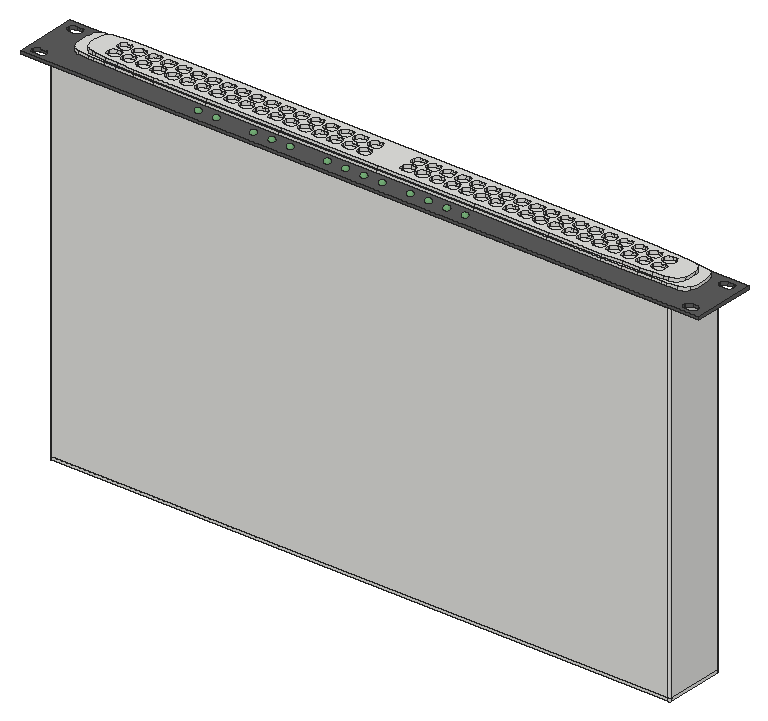
Revit family "Electronics_Expansion-Inputs_Biamp_Vocia_8-Channel-Live-Audio-Input-Device_VI-8__", category Communication Devices, host Face, Revit 2020 (continued)
Definition of nested family "VI-8"
  Forms (in)
    Extrusion 13, solid, material <- "Material 1", detail levels medium+fine
      sketch origin (-0.00359, -0.15748, 0) x (1, 0, 0) y (0, 0, 1)
        loop
          line (-3.34036, 0.95247) -> (-3.34036, 0.99345)
          arc (-3.34036, 0.99345) -> (-3.37946, 1.08784) -> (-3.47384, 1.12693) r 0.13348
          line (-3.47384, 1.12693) -> (-3.56495, 1.12693)
        loop
          arc (-3.14865, 1.12693) -> (-3.24303, 1.08784) -> (-3.28213, 0.99345) r 0.13348
          line (-3.28213, 0.99345) -> (-3.28213, 0.95247)
          arc (-3.28213, 0.95247) -> (-3.24121, 0.8537) -> (-3.14244, 0.81278) r 0.13968
          line (-3.14244, 0.81278) -> (-3.06374, 0.81278)
          arc (-3.06374, 0.81278) -> (-2.96497, 0.8537) -> (-2.92405, 0.95247) r 0.13968
          line (-2.92405, 0.95247) -> (-2.92405, 0.99345)
          arc (-2.92405, 0.99345) -> (-2.96315, 1.08784) -> (-3.05754, 1.12693) r 0.13348
          line (-3.05754, 1.12693) -> (-3.14865, 1.12693)
        loop
          arc (-2.73581, 1.12693) -> (-2.8302, 1.08784) -> (-2.86929, 0.99345) r 0.13348
          line (-2.86929, 0.99345) -> (-2.86929, 0.95247)
          arc (-2.86929, 0.95247) -> (-2.82838, 0.8537) -> (-2.72961, 0.81278) r 0.13968
          line (-2.72961, 0.81278) -> (-2.6509, 0.81278)
          arc (-2.6509, 0.81278) -> (-2.55213, 0.8537) -> (-2.51122, 0.95247) r 0.13968
          line (-2.51122, 0.95247) -> (-2.51122, 0.99345)
          arc (-2.51122, 0.99345) -> (-2.55032, 1.08784) -> (-2.6447, 1.12693) r 0.13348
          line (-2.6447, 1.12693) -> (-2.73581, 1.12693)
        loop
          arc (-2.32625, 1.12693) -> (-2.42063, 1.08784) -> (-2.45973, 0.99345) r 0.13348
          line (-2.45973, 0.99345) -> (-2.45973, 0.95247)
          arc (-2.45973, 0.95247) -> (-2.41882, 0.8537) -> (-2.32004, 0.81278) r 0.13968
          line (-2.32004, 0.81278) -> (-2.24134, 0.81278)
          arc (-2.24134, 0.81278) -> (-2.14257, 0.8537) -> (-2.10165, 0.95247) r 0.13968
          line (-2.10165, 0.95247) -> (-2.10165, 0.99345)
          arc (-2.10165, 0.99345) -> (-2.14075, 1.08784) -> (-2.23514, 1.12693) r 0.13348
          line (-2.23514, 1.12693) -> (-2.32625, 1.12693)
        loop
          arc (-1.9136, 1.12693) -> (-2.00798, 1.08784) -> (-2.04708, 0.99345) r 0.13348
          line (-2.04708, 0.99345) -> (-2.04708, 0.95247)
          arc (-2.04708, 0.95247) -> (-2.00617, 0.8537) -> (-1.9074, 0.81278) r 0.13968
          line (-1.9074, 0.81278) -> (-1.82869, 0.81278)
          arc (-1.82869, 0.81278) -> (-1.72992, 0.8537) -> (-1.68901, 0.95247) r 0.13968
          line (-1.68901, 0.95247) -> (-1.68901, 0.99345)
          arc (-1.68901, 0.99345) -> (-1.7281, 1.08784) -> (-1.82249, 1.12693) r 0.13348
          line (-1.82249, 1.12693) -> (-1.9136, 1.12693)
        loop
          arc (-1.49729, 1.12693) -> (-1.59168, 1.08784) -> (-1.63077, 0.99345) r 0.13348
          line (-1.63077, 0.99345) -> (-1.63077, 0.95247)
          arc (-1.63077, 0.95247) -> (-1.58986, 0.8537) -> (-1.49109, 0.81278) r 0.13968
          line (-1.49109, 0.81278) -> (-1.41238, 0.81278)
          arc (-1.41238, 0.81278) -> (-1.31361, 0.8537) -> (-1.2727, 0.95247) r 0.13968
          line (-1.2727, 0.95247) -> (-1.2727, 0.99345)
          arc (-1.2727, 0.99345) -> (-1.3118, 1.08784) -> (-1.40618, 1.12693) r 0.13348
          line (-1.40618, 1.12693) -> (-1.49729, 1.12693)
        loop
          arc (-1.08445, 1.12693) -> (-1.17883, 1.08784) -> (-1.21793, 0.99345) r 0.13348
          line (-1.21793, 0.99345) -> (-1.21793, 0.95247)
          arc (-1.21793, 0.95247) -> (-1.17702, 0.8537) -> (-1.07825, 0.81278) r 0.13968
          line (-1.07825, 0.81278) -> (-0.99954, 0.81278)
          arc (-0.99954, 0.81278) -> (-0.90077, 0.8537) -> (-0.85986, 0.95247) r 0.13968
          line (-0.85986, 0.95247) -> (-0.85986, 0.99345)
          arc (-0.85986, 0.99345) -> (-0.89895, 1.08784) -> (-0.99334, 1.12693) r 0.13348
          line (-0.99334, 1.12693) -> (-1.08445, 1.12693)
        loop
          arc (-0.66814, 1.12693) -> (-0.76253, 1.08784) -> (-0.80162, 0.99345) r 0.13348
          line (-0.80162, 0.99345) -> (-0.80162, 0.95247)
          arc (-0.80162, 0.95247) -> (-0.76071, 0.8537) -> (-0.66194, 0.81278) r 0.13968
          line (-0.66194, 0.81278) -> (-0.58323, 0.81278)
          arc (-0.58323, 0.81278) -> (-0.48446, 0.8537) -> (-0.44355, 0.95247) r 0.13968
          line (-0.44355, 0.95247) -> (-0.44355, 0.99345)
          arc (-0.44355, 0.99345) -> (-0.48265, 1.08784) -> (-0.57703, 1.12693) r 0.13348
          line (-0.57703, 1.12693) -> (-0.66814, 1.12693)
        loop
          arc (0.55186, 1.12693) -> (0.45748, 1.08784) -> (0.41838, 0.99345) r 0.13348
          line (0.41838, 0.99345) -> (0.41838, 0.95247)
          arc (0.41838, 0.95247) -> (0.45929, 0.8537) -> (0.55807, 0.81278) r 0.13968
          line (0.55807, 0.81278) -> (0.63677, 0.81278)
          arc (0.63677, 0.81278) -> (0.73554, 0.8537) -> (0.77646, 0.95247) r 0.13968
          line (0.77646, 0.95247) -> (0.77646, 0.99345)
          arc (0.77646, 0.99345) -> (0.73736, 1.08784) -> (0.64297, 1.12693) r 0.13348
          line (0.64297, 1.12693) -> (0.55186, 1.12693)
        loop
          arc (0.95712, 1.12693) -> (0.86273, 1.08784) -> (0.82363, 0.99345) r 0.13348
          line (0.82363, 0.99345) -> (0.82363, 0.95247)
          arc (0.82363, 0.95247) -> (0.86455, 0.8537) -> (0.96332, 0.81278) r 0.13968
          line (0.96332, 0.81278) -> (1.04202, 0.81278)
          arc (1.04202, 0.81278) -> (1.14079, 0.8537) -> (1.18171, 0.95247) r 0.13968
          line (1.18171, 0.95247) -> (1.18171, 0.99345)
          arc (1.18171, 0.99345) -> (1.14261, 1.08784) -> (1.04823, 1.12693) r 0.13348
          line (1.04823, 1.12693) -> (0.95712, 1.12693)
        loop
          arc (1.36975, 1.12693) -> (1.27537, 1.08784) -> (1.23627, 0.99345) r 0.13348
          line (1.23627, 0.99345) -> (1.23627, 0.95247)
          arc (1.23627, 0.95247) -> (1.27718, 0.8537) -> (1.37596, 0.81278) r 0.13968
          line (1.37596, 0.81278) -> (1.45466, 0.81278)
          arc (1.45466, 0.81278) -> (1.55343, 0.8537) -> (1.59434, 0.95247) r 0.13968
          line (1.59434, 0.95247) -> (1.59434, 0.99345)
          arc (1.59434, 0.99345) -> (1.55525, 1.08784) -> (1.46086, 1.12693) r 0.13348
          line (1.46086, 1.12693) -> (1.36975, 1.12693)
        loop
          arc (1.78593, 1.12693) -> (1.69154, 1.08784) -> (1.65245, 0.99345) r 0.13348
          line (1.65245, 0.99345) -> (1.65245, 0.95247)
          arc (1.65245, 0.95247) -> (1.69336, 0.8537) -> (1.79213, 0.81278) r 0.13968
          line (1.79213, 0.81278) -> (1.87083, 0.81278)
          arc (1.87083, 0.81278) -> (1.96961, 0.8537) -> (2.01052, 0.95247) r 0.13968
          line (2.01052, 0.95247) -> (2.01052, 0.99345)
          arc (2.01052, 0.99345) -> (1.97142, 1.08784) -> (1.87704, 1.12693) r 0.13348
          line (1.87704, 1.12693) -> (1.78593, 1.12693)
        loop
          arc (2.19819, 1.12693) -> (2.1038, 1.08784) -> (2.0647, 0.99345) r 0.13348
          line (2.0647, 0.99345) -> (2.0647, 0.95247)
          arc (2.0647, 0.95247) -> (2.10562, 0.8537) -> (2.20439, 0.81278) r 0.13968
          line (2.20439, 0.81278) -> (2.28309, 0.81278)
          arc (2.28309, 0.81278) -> (2.38187, 0.8537) -> (2.42278, 0.95247) r 0.13968
          line (2.42278, 0.95247) -> (2.42278, 0.99345)
          arc (2.42278, 0.99345) -> (2.38368, 1.08784) -> (2.2893, 1.12693) r 0.13348
          line (2.2893, 1.12693) -> (2.19819, 1.12693)
        loop
          arc (2.61102, 1.12693) -> (2.51664, 1.08784) -> (2.47754, 0.99345) r 0.13348
          line (2.47754, 0.99345) -> (2.47754, 0.95247)
          arc (2.47754, 0.95247) -> (2.51845, 0.8537) -> (2.61722, 0.81278) r 0.13968
          line (2.61722, 0.81278) -> (2.69593, 0.81278)
          arc (2.69593, 0.81278) -> (2.7947, 0.8537) -> (2.83561, 0.95247) r 0.13968
          line (2.83561, 0.95247) -> (2.83561, 0.99345)
          arc (2.83561, 0.99345) -> (2.79652, 1.08784) -> (2.70213, 1.12693) r 0.13348
          line (2.70213, 1.12693) -> (2.61102, 1.12693)
        loop
          arc (3.02386, 1.12693) -> (2.92948, 1.08784) -> (2.89038, 0.99345) r 0.13348
          line (2.89038, 0.99345) -> (2.89038, 0.95247)
          arc (2.89038, 0.95247) -> (2.93129, 0.8537) -> (3.03007, 0.81278) r 0.13968
          line (3.03007, 0.81278) -> (3.10877, 0.81278)
          arc (3.10877, 0.81278) -> (3.20754, 0.8537) -> (3.24846, 0.95247) r 0.13968
          line (3.24846, 0.95247) -> (3.24846, 0.99345)
          arc (3.24846, 0.99345) -> (3.20936, 1.08784) -> (3.11497, 1.12693) r 0.13348
          line (3.11497, 1.12693) -> (3.02386, 1.12693)
        loop
          arc (3.44017, 1.12693) -> (3.34579, 1.08784) -> (3.30669, 0.99345) r 0.13348
          line (3.30669, 0.99345) -> (3.30669, 0.95247)
          arc (3.30669, 0.95247) -> (3.3476, 0.8537) -> (3.44637, 0.81278) r 0.13968
          line (3.44637, 0.81278) -> (3.52508, 0.81278)
          arc (3.52508, 0.81278) -> (3.62385, 0.8537) -> (3.66476, 0.95247) r 0.13968
          line (3.66476, 0.95247) -> (3.66476, 0.99345)
          arc (3.66476, 0.99345) -> (3.62567, 1.08784) -> (3.53128, 1.12693) r 0.13348
          line (3.53128, 1.12693) -> (3.44017, 1.12693)
        loop
          arc (3.85301, 1.12693) -> (3.75862, 1.08784) -> (3.71952, 0.99345) r 0.13348
          line (3.71952, 0.99345) -> (3.71952, 0.95247)
          arc (3.71952, 0.95247) -> (3.76044, 0.8537) -> (3.85921, 0.81278) r 0.13968
          line (3.85921, 0.81278) -> (3.93791, 0.81278)
          arc (3.93791, 0.81278) -> (4.03669, 0.8537) -> (4.0776, 0.95247) r 0.13968
          line (4.0776, 0.95247) -> (4.0776, 0.99345)
          arc (4.0776, 0.99345) -> (4.0385, 1.08784) -> (3.94412, 1.12693) r 0.13348
          line (3.94412, 1.12693) -> (3.85301, 1.12693)
        loop
          arc (4.26238, 1.12693) -> (4.16799, 1.08784) -> (4.12889, 0.99345) r 0.13348
          line (4.12889, 0.99345) -> (4.12889, 0.95247)
          arc (4.12889, 0.95247) -> (4.16981, 0.8537) -> (4.26858, 0.81278) r 0.13968
          line (4.26858, 0.81278) -> (4.34728, 0.81278)
          arc (4.34728, 0.81278) -> (4.44606, 0.8537) -> (4.48697, 0.95247) r 0.13968
          line (4.48697, 0.95247) -> (4.48697, 0.99345)
          arc (4.48697, 0.99345) -> (4.44787, 1.08784) -> (4.35349, 1.12693) r 0.13348
          line (4.35349, 1.12693) -> (4.26238, 1.12693)
        loop
          arc (4.67522, 1.12693) -> (4.58083, 1.08784) -> (4.54174, 0.99345) r 0.13348
          line (4.54174, 0.99345) -> (4.54174, 0.95247)
          arc (4.54174, 0.95247) -> (4.58265, 0.8537) -> (4.68142, 0.81278) r 0.13968
          line (4.68142, 0.81278) -> (4.76013, 0.81278)
          arc (4.76013, 0.81278) -> (4.8589, 0.8537) -> (4.89981, 0.95247) r 0.13968
          line (4.89981, 0.95247) -> (4.89981, 0.99345)
          arc (4.89981, 0.99345) -> (4.86071, 1.08784) -> (4.76633, 1.12693) r 0.13348
          line (4.76633, 1.12693) -> (4.67522, 1.12693)
        loop
          arc (5.09153, 1.12693) -> (4.99714, 1.08784) -> (4.95804, 0.99345) r 0.13348
          line (4.95804, 0.99345) -> (4.95804, 0.95247)
          arc (4.95804, 0.95247) -> (4.99896, 0.8537) -> (5.09773, 0.81278) r 0.13968
          line (5.09773, 0.81278) -> (5.17643, 0.81278)
          arc (5.17643, 0.81278) -> (5.2752, 0.8537) -> (5.31612, 0.95247) r 0.13968
          line (5.31612, 0.95247) -> (5.31612, 0.99345)
          arc (5.31612, 0.99345) -> (5.27702, 1.08784) -> (5.18264, 1.12693) r 0.13348
          line (5.18264, 1.12693) -> (5.09153, 1.12693)
        loop
          arc (5.50436, 1.12693) -> (5.40998, 1.08784) -> (5.37088, 0.99345) r 0.13348
          line (5.37088, 0.99345) -> (5.37088, 0.95247)
          arc (5.37088, 0.95247) -> (5.41179, 0.8537) -> (5.51056, 0.81278) r 0.13968
          line (5.51056, 0.81278) -> (5.58927, 0.81278)
          arc (5.58927, 0.81278) -> (5.68804, 0.8537) -> (5.72895, 0.95247) r 0.13968
          line (5.72895, 0.95247) -> (5.72895, 0.99345)
          arc (5.72895, 0.99345) -> (5.68986, 1.08784) -> (5.59547, 1.12693) r 0.13348
          line (5.59547, 1.12693) -> (5.50436, 1.12693)
        loop
          arc (5.91393, 1.12693) -> (5.81954, 1.08784) -> (5.78044, 0.99345) r 0.13348
          line (5.78044, 0.99345) -> (5.78044, 0.95247)
          arc (5.78044, 0.95247) -> (5.82136, 0.8537) -> (5.92013, 0.81278) r 0.13968
          line (5.92013, 0.81278) -> (5.99883, 0.81278)
          arc (5.99883, 0.81278) -> (6.0976, 0.8537) -> (6.13852, 0.95247) r 0.13968
          line (6.13852, 0.95247) -> (6.13852, 0.99345)
          arc (6.13852, 0.99345) -> (6.09942, 1.08784) -> (6.00504, 1.12693) r 0.13348
          line (6.00504, 1.12693) -> (5.91393, 1.12693)
        loop
          arc (6.32657, 1.12693) -> (6.23219, 1.08784) -> (6.19309, 0.99345) r 0.13348
          line (6.19309, 0.99345) -> (6.19309, 0.95247)
          arc (6.19309, 0.95247) -> (6.234, 0.8537) -> (6.33278, 0.81278) r 0.13968
          line (6.33278, 0.81278) -> (6.41148, 0.81278)
          arc (6.41148, 0.81278) -> (6.51025, 0.8537) -> (6.55116, 0.95247) r 0.13968
          line (6.55116, 0.95247) -> (6.55116, 0.99345)
          arc (6.55116, 0.99345) -> (6.51207, 1.08784) -> (6.41768, 1.12693) r 0.13348
          line (6.41768, 1.12693) -> (6.32657, 1.12693)
        loop
          arc (6.74288, 1.12693) -> (6.64849, 1.08784) -> (6.6094, 0.99345) r 0.13348
          line (6.6094, 0.99345) -> (6.6094, 0.95247)
          arc (6.6094, 0.95247) -> (6.65031, 0.8537) -> (6.74908, 0.81278) r 0.13968
          line (6.74908, 0.81278) -> (6.82779, 0.81278)
          arc (6.82779, 0.81278) -> (6.92656, 0.8537) -> (6.96747, 0.95247) r 0.13968
          line (6.96747, 0.95247) -> (6.96747, 0.99345)
          arc (6.96747, 0.99345) -> (6.92838, 1.08784) -> (6.83399, 1.12693) r 0.13348
          line (6.83399, 1.12693) -> (6.74288, 1.12693)
        loop
          arc (7.15572, 1.12693) -> (7.06134, 1.08784) -> (7.02224, 0.99345) r 0.13348
          line (7.02224, 0.99345) -> (7.02224, 0.95247)
          arc (7.02224, 0.95247) -> (7.06315, 0.8537) -> (7.16193, 0.81278) r 0.13968
          line (7.16193, 0.81278) -> (7.24063, 0.81278)
          arc (7.24063, 0.81278) -> (7.3394, 0.8537) -> (7.38031, 0.95247) r 0.13968
          line (7.38031, 0.95247) -> (7.38031, 0.99345)
          arc (7.38031, 0.99345) -> (7.34122, 1.08784) -> (7.24683, 1.12693) r 0.13348
          line (7.24683, 1.12693) -> (7.15572, 1.12693)
        loop
          arc (7.57203, 1.12693) -> (7.47764, 1.08784) -> (7.43855, 0.99345) r 0.13348
          line (7.43855, 0.99345) -> (7.43855, 0.95247)
          arc (7.43855, 0.95247) -> (7.47946, 0.8537) -> (7.57823, 0.81278) r 0.13968
          line (7.57823, 0.81278) -> (7.65694, 0.81278)
          arc (7.65694, 0.81278) -> (7.75571, 0.8537) -> (7.79662, 0.95247) r 0.13968
          line (7.79662, 0.95247) -> (7.79662, 0.99345)
          arc (7.79662, 0.99345) -> (7.75753, 1.08784) -> (7.66314, 1.12693) r 0.13348
          line (7.66314, 1.12693) -> (7.57203, 1.12693)
      from 4.92126 to 5
    Revolve 14, solid, material <- "Material 2", detail levels fine
      sketch origin (-1.33611, -0.5315, 0.31615) x (-1, 0, 0) y (0, -1, 0)
        loop
          arc (0.94198, 4.4685) -> (0.86324, 4.54724) -> (0.7845, 4.4685) r 0.07874
          line (0.7845, 4.4685) -> (0.94198, 4.4685)
        loop
          arc (1.45383, 4.4685) -> (1.37509, 4.54724) -> (1.29635, 4.4685) r 0.07874
          line (1.29635, 4.4685) -> (1.45383, 4.4685)
        loop
          arc (1.96554, 4.4685) -> (1.8868, 4.54724) -> (1.80806, 4.4685) r 0.07874
          line (1.80806, 4.4685) -> (1.96554, 4.4685)
        loop
          arc (3.00877, 4.4685) -> (2.93003, 4.54724) -> (2.85129, 4.4685) r 0.07874
          line (2.85129, 4.4685) -> (3.00877, 4.4685)
        loop
          arc (3.52117, 4.4685) -> (3.44243, 4.54724) -> (3.36369, 4.4685) r 0.07874
          line (3.36369, 4.4685) -> (3.52117, 4.4685)
        loop
          arc (-0.10114, 4.4685) -> (-0.17988, 4.54724) -> (-0.25862, 4.4685) r 0.07874
          line (-0.25862, 4.4685) -> (-0.10114, 4.4685)
        loop
          arc (-0.61303, 4.4685) -> (-0.69177, 4.54724) -> (-0.77051, 4.4685) r 0.07874
          line (-0.77051, 4.4685) -> (-0.61303, 4.4685)
        loop
          arc (-1.12492, 4.4685) -> (-1.20366, 4.54724) -> (-1.2824, 4.4685) r 0.07874
          line (-1.2824, 4.4685) -> (-1.12492, 4.4685)
        loop
          arc (-1.63689, 4.4685) -> (-1.71563, 4.54724) -> (-1.79437, 4.4685) r 0.07874
          line (-1.79437, 4.4685) -> (-1.63689, 4.4685)
        loop
          arc (-2.42391, 4.4685) -> (-2.50265, 4.54724) -> (-2.58139, 4.4685) r 0.07874
          line (-2.58139, 4.4685) -> (-2.42391, 4.4685)
        loop
          arc (-2.93585, 4.4685) -> (-3.01459, 4.54724) -> (-3.09333, 4.4685) r 0.07874
          line (-3.09333, 4.4685) -> (-2.93585, 4.4685)
        loop
          arc (-3.44779, 4.4685) -> (-3.52653, 4.54724) -> (-3.60527, 4.4685) r 0.07874
          line (-3.60527, 4.4685) -> (-3.44779, 4.4685)
        loop
          arc (-3.96012, 4.4685) -> (-4.03886, 4.54724) -> (-4.1176, 4.4685) r 0.07874
          line (-4.1176, 4.4685) -> (-3.96012, 4.4685)
        axis (3.52117, 4.4685) -> (-4.1176, 4.4685)
      angle from 450 to 270
  Cuts and joins
    Extrusion 3, Extrusion 6 cuts Extrusion 2
    Extrusion 6 cuts Extrusion 4
    Extrusion 6 cuts Extrusion 7
    Extrusion 11 cuts Extrusion 10
  Lines and regions (in)
    Masking region 1, detail levels coarse+medium
      outline origin (0, 0, 0.39953) x (-1, 0, 0) y (0, -1, 0)
        loop
          line (9.50787, 4.92126) -> (9.50787, 5) -> (-9.50787, 5) -> (-9.50787, 4.92126) -> (-8.69968, 4.92126) -> (-8.69968, -4.96063) -> (8.69887, -4.96063) -> (8.69887, 4.92126) -> (9.50787, 4.92126)
    Masking region 2, detail levels fine
      outline origin (0, 0, 0.39953) x (-1, 0, 0) y (0, -1, 0)
        loop
          line (9.50787, 4.92126) -> (9.50787, 5) -> (2.61353, 5) -> (-9.50787, 5) -> (-9.50787, 4.92126) -> (-8.69968, 4.92126) -> (-8.69968, -4.96063) -> (8.69887, -4.96063) -> (8.69887, 4.92126) -> (9.50787, 4.92126)
    Masking region 3, detail levels medium+fine
      outline origin (0, 0, 0.39953) x (-1, 0, 0) y (0, -1, 0)
        loop
          line (8.6989, 5) -> (8.6989, 5.07874) -> (8.37877, 5.07874) -> (8.37877, 5.15748) -> (-8.3716, 5.15748) -> (-8.3716, 5.07874) -> (-8.69172, 5.07874) -> (-8.69172, 5) -> (8.6989, 5)
    symbolic lines, detail levels medium
      curve 1: line (9.50787, -5, 0.39953) -> (9.50787, -4.96063, 0.39953)
    symbolic lines, detail levels fine
      curve 2: line (-9.50787, -4.92126, 0.39953) -> (-9.50787, -4.96063, 0.39953)
      curve 3: line (9.50787, -4.92126, 0.39953) -> (9.50787, -4.96063, 0.39953)
    symbolic lines
      curve 4: line (-8.69887, -4.92126, 0.39953) -> (8.69968, -4.92126, 0.39953)
    symbolic lines, detail levels medium+fine
      curve 5: line (-8.37877, -5.07874, 0.39953) -> (8.3716, -5.07874, 0.39953)
  Dimensions and locks (in)
    equal spacing: plane 6 "1", plane 1 "Center (Front/Back)", plane 7
    equal spacing: plane 4, plane 3 "Center (Left/Right)", plane 5
    "Width": plane 4 to plane 5
    "Depth": plane 6 "1" to plane 9
    locked: plane 8 to plane 7 at 0.03937
    locked: plane 9 to plane 7 at 0.03937
    locked: plane 6 "1" to plane 10 at 0.07874
    plane 12 to level = 0' - 0"
    "Height": plane 11 to plane 12
    locked: plane 15 "12" to plane 12 at 0.39953
    plane 9 to plane 8 = 0' - 0.07874"
    aligned and locked: plane 2 to Extrusion 1
    aligned and locked: level to Extrusion 1
    aligned and locked: plane 5 to Extrusion 2 sketch curve
    aligned and locked: Extrusion 2 sketch curve to plane 8
    aligned and locked: plane 4 to Extrusion 2 sketch curve
    aligned and locked: plane 12 to Extrusion 2
    aligned and locked: plane 11 to Extrusion 2
    aligned and locked: plane 8 to cut or joined group of Extrusion 2, Extrusion 3, Extrusion 6
    aligned and locked: Extrusion 4 sketch curve to plane 5
    aligned and locked: Extrusion 4 sketch curve to plane 4
    aligned and locked: plane 12 to Extrusion 4
    aligned and locked: plane 11 to Extrusion 4
    aligned and locked: plane 6 "1" to Extrusion 5 sketch curve
    aligned and locked: plane 12 to Extrusion 5
    aligned and locked: plane 11 to Extrusion 5
    aligned and locked: Extrusion 7 to plane 10
    aligned and locked: plane 6 "1" to Extrusion 7
    aligned and locked: Extrusion 6 to plane 10
    aligned and locked: plane 6 "1" to Extrusion 6
    aligned and locked: Extrusion 8 to plane 8
    aligned and locked: plane 10 to Extrusion 8
    aligned and locked: plane 12 to cut or joined group of Extrusion 6, Extrusion 7
    aligned and locked: plane 12 to Extrusion 9
    aligned and locked: plane 12 to Extrusion 8
  Automatic sketch dimensions
    Extrusion 1 sketch curve to Extrusion 1 sketch curve = 8' - 0"  (x2)
    Extrusion 2 sketch curve to plane 9 = 0' - 0"
    plane 4 to Extrusion 3 sketch curve = 0' - 0.16752"  (x2)
    Extrusion 3 sketch curve to Extrusion 3 sketch curve = 0' - 0.13268"  (x4)
    Extrusion 3 sketch curve to plane 11 = 0' - 0.13428"
    Extrusion 3 sketch curve to Extrusion 3 sketch curve = 0' - 0"  (x8)
    plane 16 to Extrusion 3 sketch curve = 0' - 0.0101"  (x2)
    Extrusion 3 sketch curve to Extrusion 3 sketch curve = 0' - 0.13712"  (x4)
    Extrusion 3 sketch curve to plane 16 = 0' - 0.10725"  (x2)
    Extrusion 3 sketch curve to Extrusion 3 sketch curve = 0' - 0.13276"  (x4)
    Extrusion 3 sketch curve to plane 13 = 0' - 0.22099"  (x2)
    Extrusion 3 sketch curve to plane 16 = 0' - 0.13822"  (x2)
    Extrusion 3 sketch curve to Extrusion 3 sketch curve = 0' - 0.03098"  (x3)
    level to Extrusion 3 sketch curve = 0' - 0.08683"  (x2)
    Extrusion 3 sketch curve to Extrusion 3 sketch curve = 0' - 0.00017"  (x4)
    Extrusion 3 sketch curve to Extrusion 3 sketch curve = 0' - 0.26702"
    Extrusion 3 sketch curve to plane 11 = 0' - 0.4013"
    Extrusion 3 sketch curve to Extrusion 3 sketch curve = 0' - 0.11869"  (x4)
    Extrusion 3 sketch curve to Extrusion 3 sketch curve = 0' - 0.00035"  (x2)
    Extrusion 4 sketch curve to plane 8 = 0' - 0"
    Extrusion 4 sketch curve to plane 9 = 0' - 0"
    Extrusion 5 sketch curve to plane 8 = 0' - 0"
    Extrusion 5 sketch curve to plane 13 = 0' - 0"
    Extrusion 5 sketch curve to plane 14 = 0' - 0"
    curve 1 to plane 5 = 0' - 0"
    curve 4 to plane 8 = 0' - 0"
    curve 4 to plane 13 = 0' - 0"
    curve 4 to plane 14 = 0' - 0"
    curve 2 to plane 4 = 0' - 0"
    curve 2 to plane 8 = 0' - 0"
    curve 3 to plane 8 = 0' - 0"
    plane 7 to curve 2 = 0' - 0"
    plane 7 to curve 1 = 0' - 0"
    plane 9 to curve 1 = 0' - 0"
    curve 5 to plane 9 = 0' - 0.07874"
    plane 13 to curve 5 = 0' - 0.32809"
    curve 5 to plane 14 = 0' - 0.3201"
    plane 13 to Extrusion 6 sketch curve = 0' - 0.57657"
    Extrusion 6 sketch curve to Extrusion 6 sketch curve = 0' - 0.63023"
    Extrusion 6 sketch curve to plane 16 = 0' - 0.04154"
    Extrusion 6 sketch curve to Extrusion 6 sketch curve = 0' - 0.64994"
    plane 15 "12" to Extrusion 6 sketch curve = 0' - 0.09935"
    Extrusion 6 sketch curve to Extrusion 6 sketch curve = 0' - 1.33654"
    plane 15 "12" to Extrusion 6 sketch curve = 0' - 0.09973"
    Extrusion 6 sketch curve to Extrusion 6 sketch curve = 0' - 0.47028"
    plane 16 to Extrusion 6 sketch curve = 0' - 0.02156"  (x8)
    Extrusion 6 sketch curve to Extrusion 6 sketch curve = 0' - 0.39261"
    Extrusion 6 sketch curve to Extrusion 6 sketch curve = 0' - 0.59478"
    Extrusion 6 sketch curve to Extrusion 6 sketch curve = 0' - 0.06026"
    plane 15 "12" to Extrusion 6 sketch curve = 0' - 0.17859"  (x3)
    Extrusion 6 sketch curve to Extrusion 6 sketch curve = 0' - 0.58423"
    Extrusion 6 sketch curve to Extrusion 6 sketch curve = 0' - 0.13936"
    Extrusion 6 sketch curve to Extrusion 6 sketch curve = 0' - 0.58878"
    Extrusion 6 sketch curve to Extrusion 6 sketch curve = 0' - 0.05663"
    Extrusion 6 sketch curve to Extrusion 6 sketch curve = 0' - 0.59386"
    Extrusion 6 sketch curve to plane 11 = 0' - 0.36587"
    Extrusion 6 sketch curve to Extrusion 6 sketch curve = 0' - 0.54483"  (x2)
    Extrusion 6 sketch curve to Extrusion 6 sketch curve = 0' - 0.63931"  (x2)
    Extrusion 6 sketch curve to Extrusion 6 sketch curve = 0' - 0.03937"  (x2)
    plane 3 "Center (Left/Right)" to Extrusion 6 sketch curve = 0' - 0.16279"  (x2)
    Extrusion 6 sketch curve to plane 3 "Center (Left/Right)" = 0' - 0.25343"
    Extrusion 6 sketch curve to plane 3 "Center (Left/Right)" = 0' - 0.25395"
    Extrusion 6 sketch curve to Extrusion 6 sketch curve = 0' - 0.70853"
    plane 15 "12" to Extrusion 6 sketch curve = 0' - 0.16727"
    Extrusion 6 sketch curve to Extrusion 6 sketch curve = 0' - 0.00033"
    plane 15 "12" to Extrusion 6 sketch curve = 0' - 0.16485"
    Extrusion 6 sketch curve to Extrusion 6 sketch curve = 0' - 0.70793"
    Extrusion 6 sketch curve to Extrusion 6 sketch curve = 0' - 0.0003"
    Extrusion 6 sketch curve to Extrusion 6 sketch curve = 0' - 0.70936"
    plane 15 "12" to Extrusion 6 sketch curve = 0' - 0.16629"
    Extrusion 6 sketch curve to Extrusion 6 sketch curve = 0' - 0.00057"
    Extrusion 6 sketch curve to Extrusion 6 sketch curve = 0' - 0.39695"
    Extrusion 6 sketch curve to Extrusion 6 sketch curve = 0' - 0.01967"
    Extrusion 6 sketch curve to plane 11 = 0' - 0.30676"
    Extrusion 6 sketch curve to Extrusion 6 sketch curve = 0' - 0.61964"
    Extrusion 6 sketch curve to Extrusion 6 sketch curve = 0' - 0"  (x10)
    Extrusion 6 sketch curve to Extrusion 6 sketch curve = 0' - 0 1/64"  (x2)
    Extrusion 6 sketch curve to Extrusion 6 sketch curve = 0' - 0.60401"
    Extrusion 6 sketch curve to Extrusion 6 sketch curve = 0' - 0.47989"
    Extrusion 6 sketch curve to Extrusion 6 sketch curve = 0' - 0.53144"  (x3)
    Extrusion 6 sketch curve to Extrusion 6 sketch curve = 0' - 0.1185"
    plane 15 "12" to Extrusion 6 sketch curve = 0' - 0.02331"  (x4)
    Extrusion 6 sketch curve to Extrusion 6 sketch curve = 0' - 0.11849"  (x2)
    Extrusion 6 sketch curve to Extrusion 6 sketch curve = 0' - 0.53147"
    plane 15 "12" to Extrusion 6 sketch curve = 0' - 0.16662"
    plane 15 "12" to Extrusion 6 sketch curve = 0' - 0.35282"  (x2)
    Extrusion 6 sketch curve to Extrusion 6 sketch curve = 0' - 0.39412"  (x2)
    plane 15 "12" to Extrusion 6 sketch curve = 0' - 0.4332"
    plane 15 "12" to Extrusion 6 sketch curve = 0' - 0.43762"
    Extrusion 6 sketch curve to Extrusion 6 sketch curve = 0' - 0.55183"
    Extrusion 6 sketch curve to Extrusion 6 sketch curve = 0' - 0.55133"
    Extrusion 6 sketch curve to Extrusion 6 sketch curve = 0' - 0.55143"
    Extrusion 6 sketch curve to Extrusion 6 sketch curve = 0' - 0.30653"
    Extrusion 6 sketch curve to Extrusion 6 sketch curve = 0' - 0.21284"  (x2)
    Extrusion 6 sketch curve to Extrusion 6 sketch curve = 0' - 0.27195"
    plane 13 to Extrusion 7 sketch curve = 0' - 0"
    Extrusion 7 sketch curve to plane 11 = 0' - 0"
    Extrusion 7 sketch curve to level = 0' - 0"
    plane 14 to Extrusion 7 sketch curve = 0' - 0"
    Extrusion 7 sketch curve to plane 11 = 0' - 0.06693"
    Extrusion 7 sketch curve to Extrusion 7 sketch curve = 0' - 0.06693"
    Extrusion 7 sketch curve to plane 14 = 0' - 0.06693"  (x2)
    plane 14 to Extrusion 8 sketch curve = 0' - 0"
    Extrusion 8 sketch curve to plane 11 = 0' - 0"
    Extrusion 8 sketch curve to level = 0' - 0"
    plane 13 to Extrusion 8 sketch curve = 0' - 0"
    Extrusion 8 sketch curve to plane 11 = 0' - 0.06693"
    Extrusion 8 sketch curve to Extrusion 8 sketch curve = 0' - 0.06693"  (x2)
    plane 13 to Extrusion 8 sketch curve = 0' - 0.06693"
    plane 14 to Extrusion 9 sketch curve = 0' - 0"
    Extrusion 9 sketch curve to plane 11 = 0' - 0"
    Extrusion 9 sketch curve to level = 0' - 0"
    plane 13 to Extrusion 9 sketch curve = 0' - 0"
    Extrusion 9 sketch curve to plane 11 = 0' - 0.06693"
    Extrusion 9 sketch curve to Extrusion 9 sketch curve = 0' - 0.06693"  (x2)
    plane 13 to Extrusion 9 sketch curve = 0' - 0.06852"
    plane 13 to Extrusion 10 sketch curve = 0' - 0"
    Extrusion 10 sketch curve to plane 11 = 0' - 0"
    Extrusion 10 sketch curve to level = 0' - 0"
    plane 14 to Extrusion 10 sketch curve = 0' - 0"
    Extrusion 10 sketch curve to Extrusion 10 sketch curve = 0' - 0.06693"
    level to Extrusion 10 sketch curve = 0' - 0.06693"
    Extrusion 10 sketch curve to plane 14 = 0' - 0.06693"  (x2)
    plane 13 to Extrusion 11 sketch curve = 0' - 0.58105"
    plane 15 "12" to Extrusion 11 sketch curve = 0' - 0.25637"  (x2)
    Extrusion 11 sketch curve to Extrusion 11 sketch curve = 0' - 2.10256"
    Extrusion 11 sketch curve to Extrusion 11 sketch curve = 0' - 0.39859"
    Extrusion 11 sketch curve to Extrusion 11 sketch curve = 0' - 0.012"
    Extrusion 11 sketch curve to Extrusion 11 sketch curve = 0' - 0.39763"
    Extrusion 11 sketch curve to Extrusion 11 sketch curve = 0' - 0.56933"
    Extrusion 11 sketch curve to Extrusion 11 sketch curve = 0' - 0.5315"  (x2)
    Extrusion 11 sketch curve to Extrusion 11 sketch curve = 0' - 0.09842"
    plane 15 "12" to Extrusion 11 sketch curve = 0' - 0.03824"  (x2)
    Extrusion 11 sketch curve to plane 11 = 0' - 0.43739"
    Extrusion 11 sketch curve to Extrusion 11 sketch curve = 0' - 1.39021"
    plane 15 "12" to Extrusion 11 sketch curve = 0' - 0.11049"  (x2)
    Extrusion 11 sketch curve to Extrusion 11 sketch curve = 0' - 0.00856"
    Extrusion 11 sketch curve to Extrusion 11 sketch curve = 0' - 0.46908"
    Extrusion 11 sketch curve to Extrusion 11 sketch curve = 0' - 0.12236"
    Extrusion 11 sketch curve to Extrusion 11 sketch curve = 0' - 0 1/8"  (x4)
    Extrusion 11 sketch curve to Extrusion 11 sketch curve = 0' - 0.6"  (x3)
    plane 15 "12" to Extrusion 11 sketch curve = 0' - 0.16777"  (x3)
    plane 3 "Center (Left/Right)" to Extrusion 11 sketch curve = 0' - 0.3489"
    plane 3 "Center (Left/Right)" to Extrusion 11 sketch curve = 0' - 0.31191"
    Extrusion 11 sketch curve to plane 3 "Center (Left/Right)" = 0' - 0.04874"
    Extrusion 11 sketch curve to Extrusion 11 sketch curve = 0' - 0.01575"
    Extrusion 11 sketch curve to plane 3 "Center (Left/Right)" = 0' - 0.28809"
    Extrusion 11 sketch curve to plane 16 = 0' - 0.02645"  (x3)
    Extrusion 11 sketch curve to Extrusion 11 sketch curve = 0' - 0.39764"
    Extrusion 11 sketch curve to Extrusion 11 sketch curve = 0' - 0.07097"
    Extrusion 11 sketch curve to Extrusion 11 sketch curve = 0' - 0.39897"
    Extrusion 11 sketch curve to Extrusion 11 sketch curve = 0' - 0.01199"
    Extrusion 11 sketch curve to Extrusion 11 sketch curve = 0' - 0.06902"
    Extrusion 11 sketch curve to Extrusion 11 sketch curve = 0' - 0.40007"
    Extrusion 11 sketch curve to Extrusion 11 sketch curve = 0' - 0.50624"
    plane 15 "12" to Extrusion 11 sketch curve = 0' - 0.25436"  (x3)
    Extrusion 11 sketch curve to Extrusion 11 sketch curve = 0' - 0.42976"
    Extrusion 11 sketch curve to Extrusion 11 sketch curve = 0' - 0.44973"
    Extrusion 11 sketch curve to Extrusion 11 sketch curve = 0' - 0.59999"
    Extrusion 11 sketch curve to plane 16 = 0' - 0.02845"  (x3)
    Extrusion 11 sketch curve to Extrusion 11 sketch curve = 0' - 0.45505"
    Extrusion 11 sketch curve to Extrusion 11 sketch curve = 0' - 0.14497"
    Extrusion 11 sketch curve to Extrusion 11 sketch curve = 0' - 0.27504"
    Extrusion 11 sketch curve to Extrusion 11 sketch curve = 0' - 1.20001"
    Extrusion 11 sketch curve to Extrusion 11 sketch curve = 0' - 0.41998"
    Extrusion 11 sketch curve to plane 14 = 0' - 0.65375"
    Extrusion 11 sketch curve to plane 16 = 0' - 0.04045"  (x2)
    Extrusion 11 sketch curve to Extrusion 11 sketch curve = 0' - 0"  (x8)
    Extrusion 11 sketch curve to Extrusion 11 sketch curve = 0' - 0.3937"
    plane 15 "12" to Extrusion 11 sketch curve = 0' - 0.48294"
    Extrusion 11 sketch curve to Extrusion 11 sketch curve = 0' - 0.30042"  (x2)
    Extrusion 11 sketch curve to Extrusion 11 sketch curve = 0' - 0.389"  (x2)
    Extrusion 11 sketch curve to Extrusion 11 sketch curve = 0' - 0.3386"  (x4)
    Extrusion 11 sketch curve to Extrusion 11 sketch curve = 0' - 0.00199"
    Extrusion 11 sketch curve to Extrusion 11 sketch curve = 0' - 0.33858"
    Masking region 1 sketch curve to plane 5 = 0' - 0"
    Masking region 1 sketch curve to plane 8 = 0' - 0"  (x2)
    Masking region 1 sketch curve to plane 13 = 0' - 0"
    Masking region 1 sketch curve to plane 14 = 0' - 0"
    Masking region 1 sketch curve to plane 4 = 0' - 0"
    Masking region 1 sketch curve to plane 6 "1" = 0' - 0"
    Masking region 1 sketch curve to plane 9 = 0' - 0"
    Masking region 2 sketch curve to plane 5 = 0' - 0"
    Masking region 2 sketch curve to plane 6 "1" = 0' - 0"
    Masking region 2 sketch curve to plane 13 = 0' - 0"
    Masking region 2 sketch curve to plane 9 = 0' - 0"
    Masking region 2 sketch curve to plane 8 = 0' - 0"  (x2)
    Masking region 2 sketch curve to plane 14 = 0' - 0"
    Masking region 2 sketch curve to plane 4 = 0' - 0"
    Masking region 2 sketch curve to plane 3 "Center (Left/Right)" = 0' - 2.61353"
    Extrusion 12 sketch curve to plane 11 = 0' - 0.0737"  (x2)
    Extrusion 12 sketch curve to plane 14 = 0' - 0.29558"  (x2)
    Extrusion 12 sketch curve to Extrusion 12 sketch curve = 0' - 0.0212"  (x3)
    Extrusion 12 sketch curve to plane 11 = 0' - 0.05246"  (x2)
    Extrusion 12 sketch curve to Extrusion 12 sketch curve = 0' - 0.30113"
    plane 15 "12" to Extrusion 12 sketch curve = 0' - 0.24694"
    Extrusion 12 sketch curve to Extrusion 12 sketch curve = 0' - 0.30252"
    plane 15 "12" to Extrusion 12 sketch curve = 0' - 0.23957"  (x2)
    Extrusion 12 sketch curve to Extrusion 12 sketch curve = 0' - 0.13516"
    Extrusion 12 sketch curve to plane 11 = 0' - 0.045"  (x2)
    Extrusion 12 sketch curve to Extrusion 12 sketch curve = 0' - 0.13655"  (x2)
    plane 15 "12" to Extrusion 12 sketch curve = 0' - 0.22947"  (x2)
    Extrusion 12 sketch curve to Extrusion 12 sketch curve = 0' - 0.28256"  (x3)
    Extrusion 12 sketch curve to plane 11 = 0' - 0.03491"  (x2)
    plane 15 "12" to Extrusion 12 sketch curve = 0' - 0.22083"  (x2)
    Extrusion 12 sketch curve to Extrusion 12 sketch curve = 0' - 0.36514"  (x4)
    Extrusion 12 sketch curve to plane 11 = 0' - 0.02625"  (x2)
    Extrusion 12 sketch curve to plane 11 = 0' - 0.01904"  (x2)
    Extrusion 12 sketch curve to Extrusion 12 sketch curve = 0' - 0.46078"  (x3)
    plane 15 "12" to Extrusion 12 sketch curve = 0' - 0.21362"  (x2)
    Extrusion 12 sketch curve to plane 11 = 0' - 0.01327"  (x2)
    Extrusion 12 sketch curve to Extrusion 12 sketch curve = 0' - 0.56798"  (x3)
    plane 15 "12" to Extrusion 12 sketch curve = 0' - 0.20787"  (x2)
    plane 15 "12" to Extrusion 12 sketch curve = 0' - 0 51/256"  (x2)
    Extrusion 12 sketch curve to Extrusion 12 sketch curve = 0' - 1.4997"
    Extrusion 12 sketch curve to plane 11 = 0' - 0.00463"  (x2)
    Extrusion 12 sketch curve to Extrusion 12 sketch curve = 0' - 0"  (x2)
    plane 11 to Extrusion 12 sketch curve = 0' - 0.00113"
    Extrusion 12 sketch curve to Extrusion 12 sketch curve = 0' - 2.06333"  (x2)
    plane 15 "12" to Extrusion 12 sketch curve = 0' - 0.19344"  (x2)
    Extrusion 12 sketch curve to plane 3 "Center (Left/Right)" = 0' - 0.00359"
    Extrusion 12 sketch curve to plane 3 "Center (Left/Right)" = 0' - 0.00352"
    plane 3 "Center (Left/Right)" to Extrusion 12 sketch curve = 0' - 2.71765"
    Extrusion 12 sketch curve to Extrusion 12 sketch curve = 0' - 0.0013"  (x2)
    Extrusion 12 sketch curve to Extrusion 12 sketch curve = 0' - 1.49968"
    Extrusion 12 sketch curve to Extrusion 12 sketch curve = 0' - 0.00132"
    Extrusion 12 sketch curve to Extrusion 12 sketch curve = 0' - 0.56801"
    Extrusion 12 sketch curve to Extrusion 12 sketch curve = 0' - 0.46076"
    Extrusion 12 sketch curve to Extrusion 12 sketch curve = 0' - 0.28258"
    plane 15 "12" to Extrusion 12 sketch curve = 0' - 0.24725"
    Extrusion 12 sketch curve to Extrusion 12 sketch curve = 0' - 0.14085"
    plane 13 to Extrusion 12 sketch curve = 0' - 0.32477"  (x2)
    Extrusion 12 sketch curve to Extrusion 12 sketch curve = 0' - 0.29811"
    plane 15 "12" to Extrusion 12 sketch curve = 0' - 0.192"
    plane 15 "12" to Extrusion 12 sketch curve = 0' - 0.26828"  (x2)
    Extrusion 12 sketch curve to Extrusion 12 sketch curve = 0' - 0.30051"  (x4)
    Extrusion 12 sketch curve to Extrusion 12 sketch curve = 0' - 0.03916"  (x2)
    Extrusion 12 sketch curve to plane 14 = 0' - 0.05893"
    Extrusion 12 sketch curve to plane 14 = 0' - 0.05451"
    plane 13 to Extrusion 12 sketch curve = 0' - 0.06691"
    plane 13 to Extrusion 12 sketch curve = 0' - 0 1/16"
    Extrusion 12 sketch curve to Extrusion 12 sketch curve = 0' - 0.19267"  (x2)
    Extrusion 13 sketch curve to plane 11 = 0' - 0.13708"  (x2)
    Extrusion 13 sketch curve to plane 14 = 0' - 0.58309"
    Extrusion 13 sketch curve to plane 14 = 0' - 0.61547"
    Extrusion 13 sketch curve to Extrusion 13 sketch curve = 0' - 0.04233"
    Extrusion 13 sketch curve to Extrusion 13 sketch curve = 0' - 0.01125"  (x2)
    plane 15 "12" to Extrusion 13 sketch curve = 0' - 0.32725"  (x2)
    Extrusion 13 sketch curve to Extrusion 13 sketch curve = 0' - 0.12093"  (x2)
    Extrusion 13 sketch curve to plane 11 = 0' - 0.11083"  (x2)
    Extrusion 13 sketch curve to Extrusion 13 sketch curve = 0' - 0.18526"  (x2)
    Extrusion 13 sketch curve to Extrusion 13 sketch curve = 0' - 0.23683"
    Extrusion 13 sketch curve to Extrusion 13 sketch curve = 0' - 0.24808"
    Extrusion 13 sketch curve to Extrusion 13 sketch curve = 0' - 0.13348"  (x143)
    Extrusion 13 sketch curve to Extrusion 13 sketch curve = 0' - 0.0062"  (x121)
    Extrusion 13 sketch curve to plane 11 = 0' - 0.09732"
    Extrusion 13 sketch curve to Extrusion 13 sketch curve = 0' - 0.00885"
    plane 15 "12" to Extrusion 13 sketch curve = 0' - 0.30019"
    Extrusion 13 sketch curve to Extrusion 13 sketch curve = 0' - 0.00322"
    Extrusion 13 sketch curve to Extrusion 13 sketch curve = 0' - 0.0787"  (x72)
    Extrusion 13 sketch curve to Extrusion 13 sketch curve = 0' - 0.09111"  (x22)
    Extrusion 13 sketch curve to Extrusion 13 sketch curve = 0' - 0.04718"  (x4)
    Extrusion 13 sketch curve to plane 11 = 0' - 0.08187"
    Extrusion 13 sketch curve to Extrusion 13 sketch curve = 0' - 0.10222"
    plane 15 "12" to Extrusion 13 sketch curve = 0' - 0.28745"
    Extrusion 13 sketch curve to Extrusion 13 sketch curve = 0' - 0.10253"
    Extrusion 13 sketch curve to Extrusion 13 sketch curve = 0' - 0.05456"  (x4)
    plane 15 "12" to Extrusion 13 sketch curve = 0' - 0.27786"
    Extrusion 13 sketch curve to Extrusion 13 sketch curve = 0' - 0.01085"
    Extrusion 13 sketch curve to plane 11 = 0' - 0.06654"
    Extrusion 13 sketch curve to Extrusion 13 sketch curve = 0' - 0.02669"
    Extrusion 13 sketch curve to Extrusion 13 sketch curve = 0' - 0.0581"  (x4)
    Extrusion 13 sketch curve to plane 11 = 0' - 0.05995"
    Extrusion 13 sketch curve to Extrusion 13 sketch curve = 0' - 0.07757"
    plane 15 "12" to Extrusion 13 sketch curve = 0' - 0.26795"
    Extrusion 13 sketch curve to Extrusion 13 sketch curve = 0' - 0.08385"
    Extrusion 13 sketch curve to Extrusion 13 sketch curve = 0' - 0.05419"  (x4)
    Extrusion 13 sketch curve to Extrusion 13 sketch curve = 0' - 0.05476"  (x12)
    Extrusion 13 sketch curve to Extrusion 13 sketch curve = 0' - 0.05477"  (x12)
    Extrusion 13 sketch curve to Extrusion 13 sketch curve = 0' - 0.05823"  (x16)
    Extrusion 13 sketch curve to plane 11 = 0' - 0.04231"  (x2)
    Extrusion 13 sketch curve to Extrusion 13 sketch curve = 0' - 0.01413"
    plane 15 "12" to Extrusion 13 sketch curve = 0' - 0.24574"  (x2)
    Extrusion 13 sketch curve to Extrusion 13 sketch curve = 0' - 0.00793"
    Extrusion 13 sketch curve to Extrusion 13 sketch curve = 0' - 0.0513"  (x4)
    Extrusion 13 sketch curve to plane 11 = 0' - 0.03655"
    Extrusion 13 sketch curve to Extrusion 13 sketch curve = 0' - 0.01327"
    plane 15 "12" to Extrusion 13 sketch curve = 0' - 0.23996"  (x2)
    Extrusion 13 sketch curve to Extrusion 13 sketch curve = 0' - 0.00707"
    Extrusion 13 sketch curve to Extrusion 13 sketch curve = 0' - 0.05149"  (x4)
    Extrusion 13 sketch curve to Extrusion 13 sketch curve = 0' - 0.05457"  (x4)
    Extrusion 13 sketch curve to plane 3 "Center (Left/Right)" = 0' - 0.00359"
    Extrusion 13 sketch curve to plane 3 "Center (Left/Right)" = 0' - 0.00352"
    plane 3 "Center (Left/Right)" to Extrusion 13 sketch curve = 0' - 0.41479"
    Extrusion 13 sketch curve to Extrusion 13 sketch curve = 0' - 0"
    Extrusion 13 sketch curve to Extrusion 13 sketch curve = 0' - 0.02531"
    Extrusion 13 sketch curve to Extrusion 13 sketch curve = 0' - 0.02041"
    Extrusion 13 sketch curve to Extrusion 13 sketch curve = 0' - 0.02444"
    Extrusion 13 sketch curve to Extrusion 13 sketch curve = 0' - 0 5/256"
    plane 15 "12" to Extrusion 13 sketch curve = 0' - 0.26636"
    Extrusion 13 sketch curve to Extrusion 13 sketch curve = 0' - 0.07919"
    Extrusion 13 sketch curve to plane 11 = 0' - 0.05095"
    Extrusion 13 sketch curve to Extrusion 13 sketch curve = 0' - 0.09248"
    Extrusion 13 sketch curve to Extrusion 13 sketch curve = 0' - 0.04101"
    Extrusion 13 sketch curve to Extrusion 13 sketch curve = 0' - 0.0605"
    plane 15 "12" to Extrusion 13 sketch curve = 0' - 0.27337"
    Extrusion 13 sketch curve to Extrusion 13 sketch curve = 0' - 0.01124"
    Extrusion 13 sketch curve to plane 11 = 0' - 0.0651"
    Extrusion 13 sketch curve to Extrusion 13 sketch curve = 0' - 0.01912"
    plane 15 "12" to Extrusion 13 sketch curve = 0' - 0.28513"
    Extrusion 13 sketch curve to Extrusion 13 sketch curve = 0' - 0.07229"
    Extrusion 13 sketch curve to plane 11 = 0' - 0.08096"
    Extrusion 13 sketch curve to Extrusion 13 sketch curve = 0' - 0.07343"
    plane 15 "12" to Extrusion 13 sketch curve = 0' - 0.29989"
    Extrusion 13 sketch curve to Extrusion 13 sketch curve = 0' - 0.01411"
    Extrusion 13 sketch curve to plane 11 = 0' - 0.09349"
    Extrusion 13 sketch curve to Extrusion 13 sketch curve = 0' - 0.01583"
    Extrusion 13 sketch curve to Extrusion 13 sketch curve = 0' - 0.24797"
    Extrusion 13 sketch curve to Extrusion 13 sketch curve = 0' - 0.16227"
    Extrusion 13 sketch curve to Extrusion 13 sketch curve = 0' - 0.262"
    plane 15 "12" to Extrusion 13 sketch curve = 0' - 0.23852"
    Extrusion 13 sketch curve to Extrusion 13 sketch curve = 0' - 0.01485"  (x2)
    plane 15 "12" to Extrusion 13 sketch curve = 0' - 0.41326"  (x4)
    Extrusion 13 sketch curve to Extrusion 13 sketch curve = 0' - 0.14531"  (x2)
    Extrusion 13 sketch curve to Extrusion 13 sketch curve = 0' - 0.12813"
    Extrusion 13 sketch curve to Extrusion 13 sketch curve = 0' - 0.13968"  (x19)
    Extrusion 13 sketch curve to Extrusion 13 sketch curve = 0' - 0.11337"
    Extrusion 13 sketch curve to Extrusion 13 sketch curve = 0' - 0.1733"  (x2)
    Extrusion 13 sketch curve to Extrusion 13 sketch curve = 0' - 0.13989"
    Extrusion 13 sketch curve to Extrusion 13 sketch curve = 0' - 0.16752"  (x2)
    Extrusion 13 sketch curve to Extrusion 13 sketch curve = 0' - 0.1469"
    Extrusion 13 sketch curve to Extrusion 13 sketch curve = 0' - 0.11306"
    Extrusion 13 sketch curve to Extrusion 13 sketch curve = 0' - 0.1354"
    Extrusion 13 sketch curve to Extrusion 13 sketch curve = 0' - 0.12581"
    Extrusion 13 sketch curve to Extrusion 13 sketch curve = 0' - 0.04098"  (x72)
    Extrusion 13 sketch curve to Extrusion 13 sketch curve = 0' - 0.04869"  (x2)
    Extrusion 13 sketch curve to Extrusion 13 sketch curve = 0' - 0.06154"  (x36)
    Extrusion 13 sketch curve to Extrusion 13 sketch curve = 0' - 0.25437"
    Extrusion 13 sketch curve to Extrusion 13 sketch curve = 0' - 0.03165"
    Extrusion 13 sketch curve to Extrusion 13 sketch curve = 0' - 0.29534"  (x2)
    Extrusion 13 sketch curve to Extrusion 13 sketch curve = 0' - 0.30167"
    Extrusion 13 sketch curve to Extrusion 13 sketch curve = 0' - 0.02779"  (x2)
    Extrusion 13 sketch curve to Extrusion 13 sketch curve = 0' - 0.27388"
    Extrusion 13 sketch curve to Extrusion 13 sketch curve = 0' - 0.09413"  (x2)
    plane 9 to Masking region 3 sketch curve = 0' - 0"
    plane 13 to Masking region 3 sketch curve = 0' - 0.00796"
    Masking region 3 sketch curve to plane 9 = 0' - 0.07874"
    Masking region 3 sketch curve to Masking region 3 sketch curve = 0' - 0.32012"
    Masking region 3 sketch curve to plane 9 = 0' - 0.15748"
    Masking region 3 sketch curve to plane 14 = 0' - 0.3201"
    plane 14 to Masking region 3 sketch curve = 0' - 0.00002"
    Masking region 3 sketch curve to Masking region 3 sketch curve = 0' - 0.07874"
    Revolve 14 sketch curve to plane 9 = 0' - 0"  (x14)
    plane 3 "Center (Left/Right)" to Revolve 14 sketch curve = 0' - 2.78149"
    Revolve 14 sketch curve to Revolve 14 sketch curve = 0' - 0.07874"  (x13)
    Revolve 14 sketch curve to Revolve 14 sketch curve = 0' - 0.35484"
    Revolve 14 sketch curve to Revolve 14 sketch curve = 0' - 0.35446"
    Revolve 14 sketch curve to Revolve 14 sketch curve = 0' - 0.35447"
    plane 3 "Center (Left/Right)" to Revolve 14 sketch curve = 0' - 0.45826"
    Revolve 14 sketch curve to plane 3 "Center (Left/Right)" = 0' - 0.05371"
    Revolve 14 sketch curve to Revolve 14 sketch curve = 0' - 0.35441"  (x2)
    Revolve 14 sketch curve to Revolve 14 sketch curve = 0' - 0.88564"
    Revolve 14 sketch curve to Revolve 14 sketch curve = 0' - 0.35437"
    Revolve 14 sketch curve to Revolve 14 sketch curve = 0' - 0.35423"
    Revolve 14 sketch curve to Revolve 14 sketch curve = 0' - 0.88575"
    Revolve 14 sketch curve to Revolve 14 sketch curve = 0' - 0.35492"
    Revolve 14 sketch curve to Revolve 14 sketch curve = 0' - 0.00218"
    Revolve 14 sketch curve to Revolve 14 sketch curve = 0' - 0.01835"
    radius of Extrusion 6 sketch curve = 0' - 0.16424"
    radius of Extrusion 6 sketch curve = 0' - 0.21654"  (x9)
    radius of Extrusion 6 sketch curve = 0' - 0.21844"
    radius of Extrusion 11 sketch curve = 0' - 0.16415"
    radius of Extrusion 11 sketch curve = 0' - 0.21654"  (x2)
